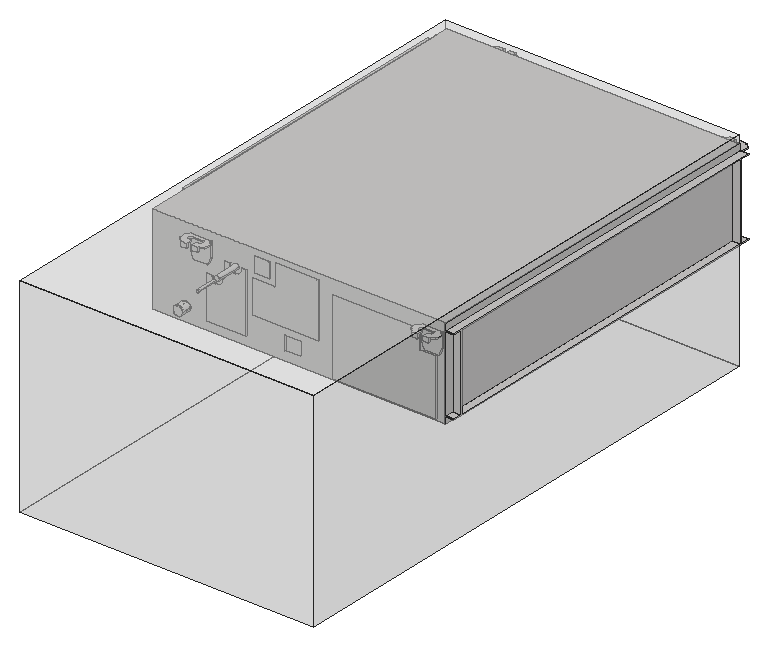
Revit family "outputfile", category 機械設備, Revit 2024
Family settings
  丸型コネクタ寸法 = 半径を使用
  パーツ タイプ = 標準
  OmniClass 番号 = 23.75.10.24.21.27.27
  OmniClass タイトル = Split System Air Conditioning Units
  作業面ベース = いいえ
  常に垂直 = はい
  ロード時にボイドで切り取り = いいえ
  注釈の向きを維持 = いいえ
  共有 = いいえ
  部屋計算ポイント = はい
Parameters (values of type "FBFC18EV2S")
  製造元 = "Daikin"
  書き出し IFC クラス(タイプ) = "IfcUnitaryEquipmentType"
  定義済み IFC タイプ(タイプ) = "AIRCONDITIONINGUNIT"
  モデル = "FBFC18EV2S"
  switch_frequency = yes
  r_Liquid Pipe Size = Liquid Pipe Size / 2  # 3.2 mm
  r_Gas Pipe Size = Gas Pipe Size / 2  # 6.35 mm
  r_Drain Pipe Size = Drain Pipe Size / 2  # 12.5 mm
  lw_power = 770.0 mm  # constant formula
  lh_SA = 138.0 mm  # constant formula
  lw_SA = if(Width = 550.0 mm, 225.0 mm, if(Width = 700.0 mm, 300.0 mm, if(Width = 1000.0 mm, 450.0 mm, if(Width = 1400.0 mm, 650.0 mm, 725.0 mm))))  # 450.0 mm
  lw_RA = if(Width = 550.0 mm, 275.0 mm, if(Width = 700.0 mm, 349.0 mm, if(Width = 1000.0 mm, 499.0 mm, if(Width = 1400.0 mm, 699.0 mm, 775.0 mm))))  # 499.0 mm
  lh_power = 60.0 mm + [h***]  # 60.0 mm
  lh_mountinghole1 = lh_mountinghole + [h***]  # 222.0 mm
  lh_RA = 123.0 mm  # constant formula
  ld_power = Width / 2  # 500.0 mm
  connector_voltage = Voltage_50Hz  # 220 V
  connector_powerinput = [Power Input (Cooling)]  # 1.680 kW
  connector_phase = Phase_50Hz  # 1
  Width = 1000.0 mm
  Voltage_comment_50Hz = "220 - 240"
  Voltage_50Hz = 220 V
  Supply Air Direction [instance] = yes
  Phase_50Hz = 1
  Minimum External Static Pressure = 40.00 Pa
  Maximum External Static Pressure = 140.00 Pa
  Material_Casing = DAIKIN_GalvanizedSteel_Casing_indoorunit
  lw_mountinghole = 630.0 mm  # constant formula
  lh_gaspipe = 183.0 mm + [h***]  # 183.0 mm
  lh_mountinghole = 222.0 mm  # constant formula
  lh_liquidpipe = 136.0 mm + [h***]  # 136.0 mm
  lh_drainpipe = 38.0 mm + [h***]  # 38.0 mm
  lh_antena = Height - lh_mountinghole + 1.0 mm  # 24.0 mm
  ld_drainpipe = Width / 2 + 26.0 mm  # 526.0 mm
  ld_liquidpipe = Width / 2 + 69.0 mm  # 569.0 mm
  ld_gaspipe = Width / 2 + 65.0 mm  # 565.0 mm
  ld_mountinghole = Width + 38.0 mm  # 1038.0 mm
  h*** = 0.0 mm  # constant formula
  lw_liquidpipe = 179.0 mm  # constant formula
  lw_gaspipe = 229.0 mm  # constant formula
  lw_drainpipe = 91.0 mm  # constant formula
  Version = "ver.1.0"
  Unit Type = "Duct"
  Unit Mass Weight = 36.00 kg
  Unit Designation [instance] = ""
  Uniclass2015Version = "Products v1.30"
  Uniclass2015Title = "Split coil room air conditioning units"
  Uniclass2015Code = "Pr_70_65_03_86"
  Total Cooling Capacity [instance] = 0.000 kW
  Sound Pressure Level_M speed (dBA) = 37
  Sound Pressure Level_L speed (dBA) = 34
  Sound Pressure Level_H speed (dBA) = 39
  Series = "SkyAir_Fan Coil Unit"
  Sensible Cooling Capacity [instance] = 0.000 kW
  SA Duct Size Width = 792.0 mm
  SA Duct Size Height = 176.0 mm
  Refrigerant Type = "R32"
  RA Duct Size Width = 952.0 mm
  RA Duct Size Height = 208.0 mm
  Power Input (Cooling) = 1.680 kW
  Option Accessory 3 [instance] = ""
  Option Accessory 2 [instance] = ""
  Option Accessory 1 [instance] = ""
  Nominal Cooling Capacity = 5.300 kW
  Minimum Airflow = 990.00 m³/h
  Median Airflow = 1200.00 m³/h
  Maximum Airflow = 1500.00 m³/h
  Load Classification = HVAC
  Liquid Pipe Size = 6.4 mm
  Link_Nested Family [instance] = ""
  IfcVersion = ""
  IfcExportType = "AIRCONDITIONINGUNIT"
  IfcExportAs = "IfcUnitaryEquipmentType"
  Height = 245.0 mm
  Heat Exchanger Type = "Cross Fin Coil"
  Gas Pipe Size = 12.7 mm
  Frequency_50Hz = 50 Hz
  Fan Type = "Sirocco Fan"
  Fan Drive = "Direct Drive"
  FCU Tag No. [instance] = ""
  Drain Pipe Size = 25.0 mm
  Design Supply Airflow [instance] = 0.00 m³/h
  Design Return Airflow [instance] = 0.00 m³/h
  Design External Static Pressure [instance] = 0.00 Pa
  既定の高さ = 0.0 mm
  Depth = 800.0 mm
  Cooling Entering Wet Bulb Temperature [instance] = 0.00 °C
  Cooling Entering Dry Bulb Temperature [instance] = 0.00 °C
  Cooling Ambient Wet Bulb Temperature [instance] = 0.00 °C
  Cooling Ambient Dry Bulb Temperature [instance] = 0.00 °C
  Clearance visibility [instance] = yes
  Clearance Top = 20.0 mm
  Clearance Right = 0.0 mm
  Clearance Rear = 0.0 mm
  Clearance Left = 0.0 mm
  Clearance Front = 450.0 mm
  Clearance Bottom = 300.0 mm
Reference planes
  plane 1 "Center (Front/Back)": y = 0
  plane 2 "h": z = 0
  plane 3 "Center (Left/Right)": x = 0
  plane 4 "Back": y = 500
  plane 5 "Front": y = -500
  plane 6 "Left": x = -400
  plane 7 "Right": x = 400
  plane 8 "Top": z = 0
  plane 9 "Bottom": z = -245
  plane 10: y = -215
  plane 11: y = 500
  plane 12: y = -950
  plane 13: x = -400
  plane 14: x = 400
  plane 15: z = 20
  plane 16: z = -545
  plane 17: x = -400
  plane 18: x = -399
  plane 19: x = 399
  plane 20: y = 50
  plane 21: y = -1
  plane 22: z = -122
  plane 23: y = -501
  plane 24: z = -109
  plane 25: x = -221
  plane 26: y = -565
  plane 27: z = -62
  plane 28: x = -171
  plane 29: y = -526
  plane 30: z = -207
  plane 31: x = -309
  plane 32: x = -309
  plane 33: x = -221
  plane 34: x = -171
  plane 35: x = 370
  plane 36: x = -266
  plane 37: x = 364
  plane 38: y = -519
  plane 39: y = 519
  plane 40: z = -23
  plane 41: z = -107
  plane 42: y = -569
  plane 43: z = -207
  plane 44: x = -309
  plane 45: y = -526
  plane 46: x = -251
  plane 47: x = -203
  plane 48: x = -144
  plane 49: z = -59
  plane 50: z = -106
  plane 51: z = -221
  plane 52: z = -109
  plane 53: x = -221
  plane 54: z = -62
  plane 55: x = -171
  plane 56: z = -17
  plane 57: z = -59
  plane 58: x = -121
  plane 59: x = -79
  plane 60: x = -125
  plane 61: x = -64
  plane 62: x = 53
  plane 63: z = -164
  plane 64: z = -73
  plane 65: z = -16
  plane 66: x = 93.5
  plane 67: x = 374.5
  plane 68: x = 330
  plane 69: z = -88.5
  plane 70: z = -38
  plane 71: z = -242.5
  plane 72: x = -38.5
  plane 73: x = 6.5
  plane 74: z = -181
  plane 75: z = -221
  plane 76: y = -499
  plane 77: x = -424
  plane 78: x = 424
Forms (mm)
  Extrusion 1, solid, material "DAIKIN_GalvanizedSteel_Casing_indoorunit" <- "Material_Casing"
    sketch origin (0, 0, 0) x (1, 0, 0) y (0, 1, 0)
      loop
        line (-399, 500) -> (-399, -500) -> (399, -500) -> (399, 500) -> (-399, 500)
    from -245 to 0
  Extrusion 2, solid, material "DAIKIN_GalvanizedSteel_Casing_indoorunit" <- "Material_Casing"
    sketch origin (0, 0, 0) x (1, 0, 0) y (0, 0, 1)
      loop
        line (-251, -221) -> (-144, -221) -> (-144, -59) -> (-154.47, -59)
        arc (-154.47, -59) -> (-171, -78.8) -> (-187.53, -59) r 16.8
        line (-187.53, -59) -> (-203, -59) -> (-203, -106) -> (-206.916, -106)
        arc (-206.916, -106) -> (-221, -123.4) -> (-235.084, -106) r 14.4
        line (-235.084, -106) -> (-251, -106) -> (-251, -221)
    from 500 to 501
  Extrusion 3, solid, material "DAIKIN_GalvanizedSteel_Casing_indoorunit" <- "Material_Casing"
    sketch origin (0, 0, 0) x (1, 0, 0) y (0, 0, 1)
      loop
        line (-121, -17) -> (-121, -59) -> (-79, -59) -> (-79, -17) -> (-121, -17)
      loop
        line (-125, -73) -> (-125, -164) -> (53, -164) -> (53, -16) -> (-64, -16) -> (-64, -73) -> (-125, -73)
    from 500 to 501
  Extrusion 4, solid, material "DAIKIN_GalvanizedSteel_Casing_indoorunit" <- "Material_Casing"
    sketch origin (0, 0, 0) x (1, 0, 0) y (0, 0, 1)
      loop
        line (93.5, -38) -> (93.5, -242.5) -> (374.5, -242.5) -> (374.5, -88.5) -> (330, -88.5) -> (330, -38) -> (93.5, -38)
    from 500 to 501
  Extrusion 5, solid, material "DAIKIN_GalvanizedSteel_Casing_indoorunit" <- "Material_Casing"
    sketch origin (0, 0, 0) x (1, 0, 0) y (0, 0, 1)
      loop
        circle (-221, -109) r 3.2
    from 500 to 569
  Extrusion 6, solid, material "DAIKIN_GalvanizedSteel_Casing_indoorunit" <- "Material_Casing"
    sketch origin (0, 0, 0) x (1, 0, 0) y (0, 0, 1)
      loop
        circle (-171, -62) r 6.35
    from 500 to 565
  Extrusion 7, solid, material "DAIKIN_GalvanizedSteel_Casing_indoorunit" <- "Material_Casing"
    sketch origin (0, 0, 0) x (1, 0, 0) y (0, 0, 1)
      loop
        circle (-309, -207) r 12.5
    from 501 to 526
  Extrusion 8, solid, material "DAIKIN_GalvanizedSteel_Casing_indoorunit" <- "Material_Casing"
    sketch origin (0, 0, 0) x (1, 0, 0) y (0, 0, 1)
      loop
        circle (-309, -207) r 13
    from 500 to 526
  Extrusion 9, void
    sketch origin (0, 0, 0) x (1, 0, 0) y (0, 0, 1)
      loop
        line (-38.5, -181) -> (-38.5, -221) -> (6.5, -221) -> (6.5, -181) -> (-38.5, -181)
    from 499 to 500
Cuts and joins
  Extrusion 9 cuts Extrusion 1
Dimensions and locks
  "Height": plane 8 "Top" to plane 9 "Bottom"
  equal spacing: plane 4 "Back", plane 1 "Center (Front/Back)", plane 5 "Front"
  "Width": plane 4 "Back" to plane 5 "Front"
  equal spacing: plane 6 "Left", plane 3 "Center (Left/Right)", plane 7 "Right"
  "Depth": plane 6 "Left" to plane 7 "Right"
  "Clearance Left": plane 13 to plane 6 "Left"
  "Clearance Right": plane 7 "Right" to plane 14
  "Clearance Rear": plane 11 to plane 4 "Back"
  "Clearance Front": plane 5 "Front" to plane 12
  "Clearance Top": plane 15 to plane 8 "Top"
  "Clearance Bottom": plane 9 "Bottom" to plane 16
  locked: plane 17 to plane 18 at 1
  locked: plane 19 to plane 14 at 1
  "lw_RA": plane 21 to plane 5 "Front"
  "lh_RA": plane 22 to plane 9 "Bottom"
  locked: plane 5 "Front" to plane 23 at 1
  "lw_liquidpipe": plane 25 to plane 6 "Left"
  "lh_liquidpipe": plane 24 to plane 9 "Bottom"
  "lh_gaspipe": plane 27 to plane 9 "Bottom"
  "lw_gaspipe": plane 28 to plane 6 "Left"
  "ld_gaspipe": plane 26 to plane 1 "Center (Front/Back)"
  "ld_drainpipe": plane 29 to plane 1 "Center (Front/Back)"
  "lh_drainpipe": plane 30 to plane 9 "Bottom"
  "lw_drainpipe": plane 31 to plane 6 "Left"
  "lw_drainpipe": plane 6 "Left" to plane 32
  "lw_liquidpipe": plane 6 "Left" to plane 33
  "lw_gaspipe": plane 6 "Left" to plane 34
  "lw_power": plane 6 "Left" to plane 35
  locked: plane 17 to plane 36 at 134
  "lw_mountinghole": plane 36 to plane 37
  equal spacing: plane 38, plane 1 "Center (Front/Back)", plane 39
  "ld_mountinghole": plane 39 to plane 38
  "lh_mountinghole": plane 40 to plane 9 "Bottom"
  "lh_SA": plane 41 to plane 9 "Bottom"
  locked: plane 44 to plane 6 "Left" at 91
  locked: plane 43 to plane 9 "Bottom" at 38
  locked: plane 5 "Front" to plane 45 at 26
  plane 48 to plane 47 to plane 46 to plane 6 "Left" = 59.0 mm, 48.0 mm, 149.0 mm
  plane 8 "Top" to plane 49 to plane 50 to plane 51 = 59.0 mm locked, 47.0 mm locked, 115.0 mm locked
  plane 55 to plane 53 to plane 6 "Left" = 50.0 mm locked, 179.0 mm locked
  plane 54 to plane 52 to plane 9 "Bottom" = 47.0 mm locked, 136.0 mm locked
  plane 59 to plane 58 to plane 6 "Left" = 42.0 mm locked, 279.0 mm locked
  plane 8 "Top" to plane 56 to plane 57 = 17.0 mm locked, 42.0 mm locked
  plane 62 to plane 61 to plane 60 to plane 6 "Left" = 117.0 mm, 61.0 mm, 275.0 mm
  plane 8 "Top" to plane 65 to plane 64 = 16.0 mm locked, 57.0 mm locked
  locked: plane 65 to plane 63 at 148
  plane 8 "Top" to plane 70 to plane 69 to plane 71 = 38.0 mm locked, 50.5 mm locked, 154.0 mm locked
  plane 67 to plane 68 to plane 66 to plane 6 "Left" = 44.5 mm locked, 236.5 mm locked, 493.5 mm locked
  plane 8 "Top" to plane 74 to plane 75 = 181.0 mm locked, 40.0 mm locked
  plane 73 to plane 72 to plane 6 "Left" = 45.0 mm, 361.5 mm
  locked: plane 76 to plane 5 "Front" at 1
  locked: plane 77 to plane 17 at 24
  locked: plane 14 to plane 78 at 24
  "ld_liquidpipe": plane 42 to plane 1 "Center (Front/Back)"
  "lw_SA": plane 4 "Back" to plane 20
  "r_Liquid Pipe Size": radius of Extrusion 5 sketch curve
  "r_Gas Pipe Size": radius of Extrusion 6 sketch curve
  "r_Drain Pipe Size": radius of Extrusion 7 sketch curve
  aligned and locked: level to plane 2 "h"
  aligned and locked: plane 8 "Top" to Extrusion 1
  aligned and locked: Extrusion 1 to plane 9 "Bottom"
  aligned and locked: nested 5 to plane 12
  aligned and locked: plane 13 to nested 5
  aligned and locked: plane 14 to nested 5
  aligned and locked: nested 5 to plane 13
  aligned and locked: plane 11 to nested 5
  aligned and locked: plane 15 to nested 5
  aligned and locked: plane 16 to nested 5
  aligned and locked: plane 5 "Front" to Extrusion 1 sketch curve
  aligned and locked: Extrusion 1 to plane 18
  aligned and locked: plane 19 to Extrusion 1
  aligned and locked: nested 7 to plane 18
  aligned and locked: nested 7 to plane 20
  aligned and locked: plane 19 to nested 8
  aligned and locked: plane 21 to nested 8
  aligned and locked: plane 22 to nested 8
  aligned and locked: Extrusion 2 to plane 23
  aligned and locked: plane 5 "Front" to Extrusion 2
  aligned and locked: Extrusion 3 to plane 23
  aligned and locked: plane 5 "Front" to Extrusion 3
  aligned and locked: plane 5 "Front" to Extrusion 4
  aligned and locked: Extrusion 5 sketch curve to plane 25
  aligned and locked: plane 24 to Extrusion 5 sketch curve
  aligned and locked: plane 5 "Front" to Extrusion 5
  aligned and locked: Extrusion 6 sketch curve to plane 28
  aligned and locked: plane 27 to Extrusion 6 sketch curve
  aligned and locked: plane 5 "Front" to Extrusion 6
  aligned and locked: Extrusion 7 sketch curve to plane 31
  aligned and locked: plane 30 to Extrusion 7 sketch curve
  aligned and locked: Extrusion 7 to plane 29
  aligned and locked: plane 23 to Extrusion 7
  aligned and locked: nested 3 to plane 29
  aligned and locked: plane 32 to nested 3
  aligned and locked: nested 2 to plane 33
  aligned and locked: nested 1 to plane 34
  aligned and locked: Extrusion 6 to plane 26
  aligned and locked: nested 1 to plane 26
  aligned and locked: nested 6 to plane 5 "Front"
  aligned and locked: nested 6 to plane 35
  aligned and locked: plane 36 to nested 10
  aligned and locked: nested 10 to plane 5 "Front"
  aligned and locked: plane 37 to nested 9
  aligned and locked: nested 9 to plane 5 "Front"
  aligned and locked: nested 11 to plane 36
  aligned and locked: plane 4 "Back" to nested 11
  aligned and locked: nested 12 to plane 37
  aligned and locked: plane 4 "Back" to nested 12
  aligned and locked: plane 40 to nested 10
  aligned and locked: plane 40 to nested 11
  aligned and locked: plane 40 to nested 9
  aligned and locked: plane 40 to nested 12
  aligned and locked: plane 36 to nested 14
  aligned and locked: nested 14 to plane 39
  aligned and locked: plane 37 to nested 13
  aligned and locked: nested 13 to plane 39
  aligned and locked: plane 37 to nested 16
  aligned and locked: plane 38 to nested 16
  aligned and locked: plane 38 to nested 15
  aligned and locked: plane 36 to nested 15
  aligned and locked: plane 17 to plane 6 "Left"
  aligned and locked: plane 41 to nested 7
  aligned and locked: Extrusion 5 to plane 42
  aligned and locked: nested 2 to plane 42
  aligned and locked: Extrusion 8 sketch curve to plane 44
  aligned and locked: plane 43 to Extrusion 8 sketch curve
  aligned and locked: plane 5 "Front" to Extrusion 8
  aligned and locked: plane 45 to Extrusion 8
  aligned and locked: Extrusion 3 sketch curve to plane 56
  aligned and locked: Extrusion 3 sketch curve to plane 58
  aligned and locked: plane 57 to Extrusion 3 sketch curve
  aligned and locked: plane 59 to Extrusion 3 sketch curve
  aligned and locked: Extrusion 4 to plane 23
  aligned and locked: Extrusion 9 sketch curve to plane 74
  aligned and locked: plane 75 to Extrusion 9 sketch curve
  aligned and locked: plane 73 to Extrusion 9 sketch curve
  aligned and locked: plane 5 "Front" to Extrusion 9
  aligned and locked: plane 76 to Extrusion 9
  aligned and locked: nested 17 to plane 20
  aligned and locked: nested 17 to plane 77
  aligned and locked: plane 21 to nested 18
  aligned and locked: plane 78 to nested 18
  aligned and locked: plane 41 to nested 17
  aligned and locked: nested 18 to plane 22
  aligned and locked: nested 4 to plane 3 "Center (Left/Right)"
  aligned and locked: plane 1 "Center (Front/Back)" to nested 4
  aligned and locked: level to plane 8 "Top"
Automatic sketch dimensions
  plane 6 "Left" to Extrusion 1 sketch curve = 1.0 mm
  Extrusion 1 sketch curve to plane 7 "Right" = 1.0 mm
  Extrusion 1 sketch curve to plane 4 "Back" = 0.0 mm
  Extrusion 2 sketch curve to plane 46 = 0.0 mm
  Extrusion 2 sketch curve to plane 33 = 0.0 mm
  Extrusion 2 sketch curve to plane 47 = 0.0 mm
  Extrusion 2 sketch curve to plane 34 = 0.0 mm
  Extrusion 2 sketch curve to plane 48 = 0.0 mm
  Extrusion 2 sketch curve to plane 51 = 0.0 mm
  Extrusion 2 sketch curve to plane 52 = 0.0 mm
  Extrusion 2 sketch curve to plane 50 = 0.0 mm  (x3)
  Extrusion 2 sketch curve to plane 54 = 0.0 mm
  Extrusion 2 sketch curve to plane 49 = 0.0 mm  (x3)
  plane 33 to Extrusion 2 sketch curve = 14.084 mm
  plane 34 to Extrusion 2 sketch curve = 16.53 mm
  Extrusion 3 sketch curve to plane 60 = 0.0 mm
  Extrusion 3 sketch curve to plane 61 = 0.0 mm
  Extrusion 3 sketch curve to plane 62 = 0.0 mm
  Extrusion 3 sketch curve to plane 63 = 0.0 mm
  Extrusion 3 sketch curve to plane 64 = 0.0 mm
  Extrusion 3 sketch curve to plane 65 = 0.0 mm
  Extrusion 4 sketch curve to plane 66 = 0.0 mm
  Extrusion 4 sketch curve to plane 68 = 0.0 mm
  Extrusion 4 sketch curve to plane 67 = 0.0 mm
  Extrusion 4 sketch curve to plane 71 = 0.0 mm
  Extrusion 4 sketch curve to plane 69 = 0.0 mm
  Extrusion 4 sketch curve to plane 70 = 0.0 mm
  Extrusion 9 sketch curve to plane 72 = 0.0 mm
  radius of Extrusion 8 sketch curve = 13.0 mm
Nested families
  nested 1: "daikin_connector_rotate2" at (-171, 0, -62), length <- "ld_gaspipe", built-in parameter 1001364 <- "lh_gaspipe", radius <- "r_Gas Pipe Size", type "daikin_connector_rotate2"
    with radius 6.35 mm, length 565.0 mm, angle_vertical 90.00°
  nested 2: "daikin_connector_rotate2" at (-221, 0, -109), length <- "ld_liquidpipe", built-in parameter 1001364 <- "lh_liquidpipe", radius <- "r_Liquid Pipe Size", type "daikin_connector_rotate2"
    with radius 3.2 mm, length 569.0 mm, angle_vertical 90.00°
  nested 3: "daikin_connector_rotate2" at (-309, 0, -207), length <- "ld_drainpipe", built-in parameter 1001364 <- "lh_drainpipe", radius <- "r_Drain Pipe Size", type "daikin_connector_rotate2"
    with radius 12.5 mm, length 526.0 mm, angle_vertical 90.00°
  nested 4: "daikin_△_symbolicline" at (0, 0, 245) x (0, -1, 0) z (0, 0, 1), built-in parameter 1001364 <- "Height", visible <- "Supply Air Direction", type "daikin_△_symbolicline"
    with length 200.0 mm
  nested 5: "daikin_clearancespace" at (0, -225, -262.381), visible <- "Clearance visibility", show <- "Clearance visibility", Link_Nested Family <- "Link_Nested Family", type "daikin_clearancespace"
    with width 800.0 mm, show yes, height 565.0 mm, depth 1450.0 mm, Link_Nested Family ""
  nested 6: "daikin_connector_rotate2" at (370, 0, -185), built-in parameter 1001364 <- "lh_power", length <- "ld_power", type "daikin_connector_rotate2"
    with radius 10.0 mm, length 500.0 mm, angle_vertical 90.00°
  nested 7: "daikin_ductflange_FBFC-EV2S2" at (-399, 50, -107) x (0, -1, 0) z (0, 0, 1), type "daikin_ductflange_FBFC-EV2S2"
    with width 792.0 mm, w 1000.0 mm
  nested 8: "daikin_ductflange_FBFC-EV2S" at (399, -1, -122) x (0, 1, 0) z (0, 0, 1), type "daikin_ductflange_FBFC-EV2S"
    with width 952.0 mm, lw 25.0 mm, w 1000.0 mm
  nested 9: "daikin_hangerfixture_FBFC-EV2S" at (364, -500, -23), type "daikin_hangerfixture_FBFC-EV2S"
  nested 10: "daikin_hangerfixture_FBFC-EV2S" at (-266, -500, -23), type "daikin_hangerfixture_FBFC-EV2S"
  nested 11: "daikin_hangerfixture_FBFC-EV2S" at (-266, 500, -23) x (-1, 0, 0) z (0, 0, 1), type "daikin_hangerfixture_FBFC-EV2S"
  nested 12: "daikin_hangerfixture_FBFC-EV2S" at (364, 500, -23) x (-1, 0, 0) z (0, 0, 1), type "daikin_hangerfixture_FBFC-EV2S"
  nested 13: "daikin_mountinghole" at (364, 519, -245), h_mountinghole <- "lh_mountinghole1", l_antenna <- "lh_antena", Link_Nested Family <- "Link_Nested Family", type "daikin_mountinghole"
    with show yes, l_antenna 24.0 mm, h_mountinghole 222.0 mm, Link_Nested Family ""
  nested 14: "daikin_mountinghole" at (-266, 519, -245), h_mountinghole <- "lh_mountinghole1", l_antenna <- "lh_antena", Link_Nested Family <- "Link_Nested Family", type "daikin_mountinghole"
    with show yes, l_antenna 24.0 mm, h_mountinghole 222.0 mm, Link_Nested Family ""
  nested 15: "daikin_mountinghole" at (-266, -519, -245), h_mountinghole <- "lh_mountinghole1", l_antenna <- "lh_antena", Link_Nested Family <- "Link_Nested Family", type "daikin_mountinghole"
    with show yes, l_antenna 24.0 mm, h_mountinghole 222.0 mm, Link_Nested Family ""
  nested 16: "daikin_mountinghole" at (364, -519, -245), h_mountinghole <- "lh_mountinghole1", l_antenna <- "lh_antena", Link_Nested Family <- "Link_Nested Family", type "daikin_mountinghole"
    with show yes, l_antenna 24.0 mm, h_mountinghole 222.0 mm, Link_Nested Family ""
  nested 17: "daikin_connector_rotate2" at (-400, 50, -107) x (0, -1, 0) z (0, 0, 1), type "daikin_connector_rotate2"
    with radius 10.0 mm, length 24.0 mm, angle_vertical 90.00°
  nested 18: "daikin_connector_rotate2" at (400, -1, -122) x (0, 1, 0) z (0, 0, 1), type "daikin_connector_rotate2"
    with radius 10.0 mm, length 24.0 mm, angle_vertical 90.00°
Connectors
  piping at (-309, -526, -207), diameter 25, driven by "r_Drain Pipe Size"
    settings: on nested 3, index 3, connector inside diameter 609.6 mm, connector length 0.0 mm, flow factor 0, pipe flow 0.00 m³/h, pressure drop 0.0 Pa, fitting loss kfactor 0, connector angle 0.00°, fixture units 0, engagement length 0.0 mm, angle of deflection 0.00°, flow configuration 1, flow direction 2, fitting loss method 4, system type 16, joint type 0, gender type 0, connector reference index -1, connector utility 0, adjustable connector no, is connector primary yes, connector description "Condensate Drain Piping"
  piping at (-171, -565, -62), diameter 12.7, driven by "r_Gas Pipe Size"
    settings: on nested 1, index 4, connector inside diameter 609.6 mm, connector length 0.0 mm, flow factor 0, pipe flow 0.00 m³/h, pressure drop 0.0 Pa, fitting loss kfactor 0, connector angle 0.00°, fixture units 0, engagement length 0.0 mm, angle of deflection 0.00°, flow configuration 1, flow direction 2, fitting loss method 0, system type 29, joint type 0, gender type 0, connector reference index -1, connector utility 0, adjustable connector no, is connector primary no, connector description "Refrigerant Gas Piping"
  piping at (-221, -569, -109), diameter 6.4, driven by "r_Liquid Pipe Size"
    settings: on nested 2, index 5, connector inside diameter 609.6 mm, connector length 0.0 mm, flow factor 0, pipe flow 0.00 m³/h, pressure drop 0.0 Pa, fitting loss kfactor 0, connector angle 0.00°, fixture units 0, engagement length 0.0 mm, angle of deflection 0.00°, flow configuration 1, flow direction 1, fitting loss method 0, system type 29, joint type 0, gender type 0, connector reference index -1, connector utility 0, adjustable connector no, is connector primary no, connector description "Refrigerant Liquid Piping"
  electrical at (370, -500, -185), driven by "Load Classification", driven by "connector_powerinput", driven by "connector_voltage", driven by "connector_phase"
    settings: on nested 6, index 6, voltage 220 V, apparent load 1680 VA, apparent load phase1 0 VA, apparent load phase2 0 VA, apparent load phase3 0 VA, power factor 1, load classification "HVAC", number of poles 1, system type 30, power factor state 1, is connector primary yes, connector utility no, sub classification motor no, connector description "Power Supply"
  hvac at (-424, 50, -107), driven by "SA Duct Size Height", driven by "SA Duct Size Width"
    settings: on nested 17, index 7, duct flow 0.00 m³/h, flow factor 0, pres drop 0.00 Pa, loss coef 0, conn angle 0.00°, conn width 792.0 mm, conn height 176.0 mm, conn diameter 609.6 mm, duct sys type 1, conn prof type 1, flow config 0, flow direction 2, loss method 4, conn ref index -1, conn util no, is conn primary yes, conn desc "SA Duct"
  hvac at (424, -1, -122), driven by "RA Duct Size Height", driven by "RA Duct Size Width"
    settings: on nested 18, index 8, duct flow 0.00 m³/h, flow factor 0, pres drop 0.00 Pa, loss coef 0, conn angle 0.00°, conn width 952.0 mm, conn height 208.0 mm, conn diameter 609.6 mm, duct sys type 2, conn prof type 1, flow config 0, flow direction 1, loss method 4, conn ref index -1, conn util no, is conn primary no, conn desc "RA Duct"
Definition of nested family "daikin_clearancespace"
  Parameters (values of type "daikin_clearancespace")
    Description = "daikin_clearancespace"
    width [instance] = 1823.963 mm
    show [instance] = yes
    material = none
    height [instance] = 1359.762 mm
    depth [instance] = 880.0 mm
    Default Elevation = 0.0 mm
    Link_Nested Family [instance] = ""
  Reference planes
    plane 1 "Center (Front/Back)": y = 0
    plane 2 "Center (Elevation)": z = -0.119
    plane 3 "Center (Left/Right)": x = 0
    plane 4: y = 440
    plane 5: y = -440
    plane 6 "Right": x = 911.982
    plane 7 "Left": x = -911.982
    plane 8 "Top": z = 679.762
    plane 9 "Bottom": z = -680
  Forms (mm)
    Extrusion 1, solid, material <- "material", visible <- "show"
      sketch origin (0, 0, 0) x (1, 0, 0) y (0, 1, 0)
        loop
          line (-911.982, 440) -> (-911.982, -440) -> (911.982, -440) -> (911.982, 440) -> (-911.982, 440)
      from -680 to 679.762
  Lines and regions (mm)
    symbolic lines, visible <- "show"
      curve 1: line (911.982, 440, 0) -> (-911.982, 440, 0)
      curve 2: line (-911.982, 440, 0) -> (-911.982, -440, 0)
      curve 3: line (-911.982, -440, 0) -> (911.982, -440, 0)
      curve 4: line (911.982, -440, 0) -> (911.982, 440, 0)
      curve 5: line (911.982, 0, 679.762) -> (-911.982, 0, 679.762)
      curve 6: line (911.982, 0, -680) -> (911.982, 0, 679.762)
      curve 7: line (-911.982, 0, -680) -> (911.982, 0, -680)
      curve 8: line (-911.982, 0, 679.762) -> (-911.982, 0, -680)
      curve 9: line (0, 440, 679.762) -> (0, -440, 679.762)
      curve 10: line (0, -440, 679.762) -> (0, -440, -680)
      curve 11: line (0, 440, -680) -> (0, 440, 679.762)
      curve 12: line (0, -440, -680) -> (0, 440, -680)
  Dimensions and locks
    "width": plane 7 "Left" to plane 6 "Right"
    "depth": plane 4 to plane 5
    "height": plane 8 "Top" to plane 9 "Bottom"
    equal spacing: plane 7 "Left", plane 3 "Center (Left/Right)", plane 6 "Right"
    equal spacing: plane 4, plane 1 "Center (Front/Back)", plane 5
    equal spacing: plane 8 "Top", plane 2 "Center (Elevation)", plane 9 "Bottom"
    aligned and locked: level to plane 2 "Center (Elevation)"
    aligned and locked: Extrusion 1 sketch curve to plane 4
    aligned and locked: plane 7 "Left" to Extrusion 1 sketch curve
    aligned and locked: Extrusion 1 sketch curve to plane 5
    aligned and locked: Extrusion 1 sketch curve to plane 6 "Right"
    aligned and locked: plane 8 "Top" to Extrusion 1
    aligned and locked: curve 1 to Extrusion 1
    aligned and locked: curve 2 to Extrusion 1
    aligned and locked: curve 3 to Extrusion 1
    aligned and locked: curve 4 to Extrusion 1
    aligned and locked: curve 5 to Extrusion 1
    aligned and locked: curve 6 to Extrusion 1
    aligned and locked: curve 7 to Extrusion 1
    aligned and locked: curve 8 to Extrusion 1
    aligned and locked: curve 9 to Extrusion 1
    aligned and locked: curve 10 to Extrusion 1
    aligned and locked: curve 11 to Extrusion 1
    aligned and locked: curve 12 to Extrusion 1
    aligned and locked: Extrusion 1 to plane 9 "Bottom"
Definition of nested family "daikin_ductflange_FBFC-EV2S2"
  Parameters (values of type "daikin_ductflange_FBFC-DVMG2")
    width = if(w = 550.0 mm, 337.0 mm, if(w = 700.0 mm, 492.0 mm, if(w = 1000.0 mm, 792.0 mm, if(w = 1400.0 mm, 1192.0 mm, 1337.0 mm))))  # 1192.0 mm
    material = none
    height = 215.0 mm
    depth = 1.0 mm
    w = 1400.0 mm
    Default Elevation = 0.0 mm
  Reference planes
    plane 1 "Center (Front/Back)": y = 0
    plane 2: z = 0
    plane 3 "Center (Left/Right)": x = 0
    plane 4: z = 88
    plane 5: z = -88
    plane 6: y = -25
    plane 7: z = 106
    plane 8: z = 89
    plane 9: y = -1
    plane 10: x = -617.5
    plane 11: x = 617.5
    plane 12: z = -106
    plane 13: z = -89
    plane 14: y = -1
    plane 15: x = 596
    plane 16: x = -596
    plane 17: x = 597
    plane 18: z = 87
    plane 19: z = -87
    plane 20: x = -597
    plane 21: z = 87
    plane 22: z = -87
    plane 23: y = -1
  Forms (mm)
    Extrusion 1, solid, material <- "material"
      sketch origin (0, 0, 0) x (0, 1, 0) y (0, 0, 1)
        loop
          line (-25, 88) -> (0, 88) -> (0, 106) -> (-1, 106) -> (-1, 89) -> (-25, 89) -> (-25, 88)
      from -617.5 to 617.5
    Extrusion 2, solid, material <- "material"
      sketch origin (0, 0, 0) x (0, 1, 0) y (0, 0, 1)
        loop
          line (-25, -88) -> (-25, -89) -> (-1, -89) -> (-1, -106) -> (0, -106) -> (0, -88) -> (-25, -88)
      from -617.5 to 617.5
    Extrusion 3, solid, material <- "material"
      sketch origin (0, 0, 0) x (1, 0, 0) y (0, 0, 1)
        loop
          line (596, 88) -> (596, -88) -> (617.5, -88) -> (617.5, -87) -> (597, -87) -> (597, 87) -> (617.5, 87) -> (617.5, 88) -> (596, 88)
      from 0 to 25
    Extrusion 4, solid, material <- "material"
      sketch origin (0, 0, 0) x (1, 0, 0) y (0, 0, 1)
        loop
          line (-617.5, 88) -> (-617.5, 87) -> (-597, 87) -> (-597, -87) -> (-617.5, -87) -> (-617.5, -88) -> (-596, -88) -> (-596, 88) -> (-617.5, 88)
      from 0 to 25
    Extrusion 5, solid, material <- "material"
      sketch origin (0, 0, 0) x (1, 0, 0) y (0, 0, 1)
        loop
          line (-617.5, 88) -> (-617.5, -88) -> (-596, -88) -> (-596, 88) -> (-617.5, 88)
        loop
          line (617.5, 88) -> (596, 88) -> (596, -88) -> (617.5, -88) -> (617.5, 88)
      from 0 to 1
  Cuts and joins
    joined: Extrusion 1, Extrusion 2, Extrusion 3, Extrusion 4, Extrusion 5
  Dimensions and locks
    plane 4 to level to plane 5 = 88.0 mm, 88.0 mm
    locked: plane 6 to plane 1 "Center (Front/Back)" at 25
    locked: plane 9 to plane 1 "Center (Front/Back)" at 1
    locked: plane 8 to plane 4 at 1
    locked: plane 16 to plane 10 at 21.5
    locked: plane 17 to plane 15 at 1
    locked: plane 4 to plane 18 at 1
    locked: plane 19 to plane 5 at 1
    "width": plane 15 to plane 16
    plane 4 to plane 5 = 176.0 mm
    locked: plane 16 to plane 20 at 1
    locked: plane 4 to plane 21 at 1
    locked: plane 22 to plane 5 at 1
    locked: plane 23 to plane 1 "Center (Front/Back)" at 1
    plane 4 to level to plane 5 = 88.0 mm locked, 88.0 mm locked
    locked: plane 5 to plane 13 at 1
    locked: plane 5 to plane 12 at 18
    locked: plane 7 to plane 4 at 18
    equal spacing: plane 15, plane 3 "Center (Left/Right)", plane 16
    locked: plane 11 to plane 15 at 21.5
    plane 11 to plane 10 = 1235.0 mm
    aligned and locked: level to plane 2
    aligned and locked: Extrusion 1 to plane 10
    aligned and locked: plane 11 to Extrusion 1
    aligned and locked: plane 5 to Extrusion 2
    aligned and locked: Extrusion 2 to plane 1 "Center (Front/Back)"
    aligned and locked: plane 15 to Extrusion 3 sketch curve
    aligned and locked: Extrusion 3 sketch curve to Extrusion 2  (x2)
    aligned and locked: Extrusion 3 sketch curve to plane 11
    aligned and locked: plane 6 to Extrusion 3
    aligned and locked: Extrusion 2 to plane 10
    aligned and locked: plane 11 to Extrusion 2
    aligned and locked: Extrusion 4 sketch curve to Extrusion 1  (x2)
    aligned and locked: plane 5 to Extrusion 4 sketch curve
    aligned and locked: Extrusion 4 sketch curve to plane 16
    aligned and locked: Extrusion 4 sketch curve to plane 22
    aligned and locked: plane 20 to Extrusion 4 sketch curve
    aligned and locked: plane 21 to Extrusion 4 sketch curve
    aligned and locked: Extrusion 4 to plane 1 "Center (Front/Back)"
    aligned and locked: plane 6 to Extrusion 4
    aligned and locked: Extrusion 5 sketch curve to Extrusion 1  (x4)
    aligned and locked: Extrusion 5 sketch curve to Extrusion 4  (x2)
    aligned and locked: Extrusion 5 sketch curve to Extrusion 3  (x2)
    aligned and locked: Extrusion 5 to plane 1 "Center (Front/Back)"
    aligned and locked: plane 23 to Extrusion 5
  Automatic sketch dimensions
    Extrusion 1 sketch curve to plane 6 = 0.0 mm
    Extrusion 1 sketch curve to plane 7 = 0.0 mm
    Extrusion 1 sketch curve to plane 9 = 0.0 mm
    Extrusion 1 sketch curve to plane 1 "Center (Front/Back)" = 0.0 mm
    Extrusion 1 sketch curve to plane 4 = 0.0 mm
    Extrusion 1 sketch curve to plane 8 = 0.0 mm
    Extrusion 2 sketch curve to plane 6 = 0.0 mm
    plane 12 to Extrusion 2 sketch curve = 0.0 mm
    Extrusion 2 sketch curve to plane 14 = 0.0 mm
    Extrusion 2 sketch curve to plane 1 "Center (Front/Back)" = 0.0 mm
    plane 13 to Extrusion 2 sketch curve = 0.0 mm
    Extrusion 2 sketch curve to plane 5 = 0.0 mm
    Extrusion 3 sketch curve to plane 17 = 0.0 mm
    Extrusion 3 sketch curve to plane 19 = 0.0 mm
    Extrusion 3 sketch curve to plane 18 = 0.0 mm
    Extrusion 3 sketch curve to plane 4 = 0.0 mm
    Extrusion 4 sketch curve to plane 10 = 0.0 mm
Definition of nested family "daikin_ductflange_FBFC-EV2S"
  Parameters (values of type "daikin_ductflange_FBFC-DVMG")
    width = if(w = 550.0 mm, 502.0 mm, if(w = 700.0 mm, 654.0 mm, if(w = 1000.0 mm, 952.0 mm, if(w = 1400.0 mm, 1352.0 mm, 1502.0 mm))))  # 654.0 mm
    material = none
    lw = if(width = 654.0 mm, 23.0 mm, 25.0 mm)  # 23.0 mm
    height = 208.0 mm
    depth = 1.0 mm
    w = 700.0 mm
    Default Elevation = 0.0 mm
  Reference planes
    plane 1 "Center (Front/Back)": y = 0
    plane 2: z = 0
    plane 3 "Center (Left/Right)": x = 0
    plane 4: z = 104
    plane 5: z = -104
    plane 6: y = -25
    plane 7: z = 121
    plane 8: z = 105
    plane 9: y = -1
    plane 10: x = -350
    plane 11: x = 350
    plane 12: z = -122
    plane 13: z = -105
    plane 14: y = -1
    plane 15: x = 327
    plane 16: x = -327
    plane 17: x = 328
    plane 18: z = 103
    plane 19: z = -103
    plane 20: x = -328
    plane 21: z = 103
    plane 22: z = -103
    plane 23: y = -1
  Forms (mm)
    Extrusion 1, solid, material <- "material"
      sketch origin (0, 0, 0) x (0, 1, 0) y (0, 0, 1)
        loop
          line (-25, 104) -> (0, 104) -> (0, 121) -> (-1, 121) -> (-1, 105) -> (-25, 105) -> (-25, 104)
      from -350 to 350
    Extrusion 2, solid, material <- "material"
      sketch origin (0, 0, 0) x (0, 1, 0) y (0, 0, 1)
        loop
          line (-25, -104) -> (-25, -105) -> (-1, -105) -> (-1, -122) -> (0, -122) -> (0, -104) -> (-25, -104)
      from -350 to 350
    Extrusion 3, solid, material <- "material"
      sketch origin (0, 0, 0) x (1, 0, 0) y (0, 0, 1)
        loop
          line (327, 104) -> (327, -104) -> (350, -104) -> (350, -103) -> (328, -103) -> (328, 103) -> (350, 103) -> (350, 104) -> (327, 104)
      from 0 to 25
    Extrusion 4, solid, material <- "material"
      sketch origin (0, 0, 0) x (1, 0, 0) y (0, 0, 1)
        loop
          line (-350, 104) -> (-350, 103) -> (-328, 103) -> (-328, -103) -> (-350, -103) -> (-350, -104) -> (-327, -104) -> (-327, 104) -> (-350, 104)
      from 0 to 25
    Extrusion 5, solid, material <- "material"
      sketch origin (0, 0, 0) x (1, 0, 0) y (0, 0, 1)
        loop
          line (-350, 104) -> (-350, -104) -> (-327, -104) -> (-327, 104) -> (-350, 104)
        loop
          line (350, 104) -> (327, 104) -> (327, -104) -> (350, -104) -> (350, 104)
      from 0 to 1
  Cuts and joins
    joined: Extrusion 1, Extrusion 2, Extrusion 3, Extrusion 4, Extrusion 5
  Dimensions and locks
    plane 4 to level to plane 5 = 104.0 mm, 104.0 mm
    locked: plane 6 to plane 1 "Center (Front/Back)" at 25
    locked: plane 9 to plane 1 "Center (Front/Back)" at 1
    locked: plane 8 to plane 4 at 1
    "lw": plane 11 to plane 15
    "lw": plane 16 to plane 10
    locked: plane 17 to plane 15 at 1
    locked: plane 4 to plane 18 at 1
    locked: plane 19 to plane 5 at 1
    "width": plane 15 to plane 16
    equal spacing: plane 15, plane 3 "Center (Left/Right)", plane 16
    locked: plane 16 to plane 20 at 1
    locked: plane 4 to plane 21 at 1
    locked: plane 22 to plane 5 at 1
    locked: plane 23 to plane 1 "Center (Front/Back)" at 1
    locked: plane 7 to plane 4 at 17
    locked: plane 1 "Center (Front/Back)" to plane 14 at 1
    locked: plane 5 to plane 13 at 1
    "height": plane 4 to plane 5
    plane 11 to plane 10 = 700.0 mm
    locked: plane 12 to plane 13 at 17
    equal spacing: plane 4, level, plane 5
    aligned and locked: level to plane 2
    aligned and locked: Extrusion 1 to plane 10
    aligned and locked: plane 11 to Extrusion 1
    aligned and locked: plane 5 to Extrusion 2
    aligned and locked: Extrusion 2 to plane 1 "Center (Front/Back)"
    aligned and locked: plane 15 to Extrusion 3 sketch curve
    aligned and locked: Extrusion 3 sketch curve to Extrusion 2  (x2)
    aligned and locked: Extrusion 3 sketch curve to plane 11
    aligned and locked: plane 6 to Extrusion 3
    aligned and locked: Extrusion 2 to plane 10
    aligned and locked: plane 11 to Extrusion 2
    aligned and locked: Extrusion 4 sketch curve to Extrusion 1  (x2)
    aligned and locked: plane 5 to Extrusion 4 sketch curve
    aligned and locked: Extrusion 4 sketch curve to plane 16
    aligned and locked: Extrusion 4 sketch curve to plane 22
    aligned and locked: plane 20 to Extrusion 4 sketch curve
    aligned and locked: plane 21 to Extrusion 4 sketch curve
    aligned and locked: Extrusion 4 to plane 1 "Center (Front/Back)"
    aligned and locked: plane 6 to Extrusion 4
    aligned and locked: Extrusion 5 sketch curve to Extrusion 1  (x4)
    aligned and locked: Extrusion 5 sketch curve to Extrusion 4  (x2)
    aligned and locked: Extrusion 5 sketch curve to Extrusion 3  (x2)
    aligned and locked: Extrusion 5 to plane 1 "Center (Front/Back)"
    aligned and locked: plane 23 to Extrusion 5
  Automatic sketch dimensions
    Extrusion 1 sketch curve to plane 6 = 0.0 mm
    Extrusion 1 sketch curve to plane 7 = 0.0 mm
    Extrusion 1 sketch curve to plane 9 = 0.0 mm
    Extrusion 1 sketch curve to plane 1 "Center (Front/Back)" = 0.0 mm
    Extrusion 1 sketch curve to plane 4 = 0.0 mm
    Extrusion 1 sketch curve to plane 8 = 0.0 mm
    Extrusion 2 sketch curve to plane 6 = 0.0 mm
    plane 12 to Extrusion 2 sketch curve = 0.0 mm
    Extrusion 2 sketch curve to plane 14 = 0.0 mm
    Extrusion 2 sketch curve to plane 1 "Center (Front/Back)" = 0.0 mm
    plane 13 to Extrusion 2 sketch curve = 0.0 mm
    Extrusion 2 sketch curve to plane 5 = 0.0 mm
    Extrusion 3 sketch curve to plane 17 = 0.0 mm
    Extrusion 3 sketch curve to plane 19 = 0.0 mm
    Extrusion 3 sketch curve to plane 18 = 0.0 mm
    Extrusion 3 sketch curve to plane 4 = 0.0 mm
    Extrusion 4 sketch curve to plane 10 = 0.0 mm
Definition of nested family "daikin_hangerfixture_FBFC-EV2S"
  Parameters (values of type "daikin_hangerfixture_FXMQ-PAVE")
    width = 72.0 mm
    material = none
    height = 60.0 mm
    depth = 41.0 mm
    Default Elevation = 0.0 mm
  Reference planes
    plane 1 "Center (Front/Back)": y = 0
    plane 2: z = 0
    plane 3 "Center (Left/Right)": x = 0
    plane 4: y = 417.146
    plane 5: y = -41
    plane 6: x = -36
    plane 7: x = 36
    plane 8: z = -2.3
    plane 9: z = -60
    plane 10: y = -2.3
    plane 11: z = -12
    plane 12: y = -38.7
  Forms (mm)
    Extrusion 1, solid, material <- "material"
      sketch origin (0, 0, 0) x (1, 0, 0) y (0, 1, 0)
        loop
          line (-28, 0) -> (-28, -5)
          arc (-28, -5) -> (-29.127, -8.162) -> (-32, -9.899) r 5
          arc (-32, -9.899) -> (-34.873, -11.636) -> (-36, -14.798) r 5
          line (-36, -14.798) -> (-36, -27.178)
          arc (-36, -27.178) -> (-35.429, -29.499) -> (-33.846, -31.289) r 5
          line (-33.846, -31.289) -> (-23, -38.798) -> (-23, -41.098) -> (-6.5, -41.098) -> (-6.5, -28.498)
          arc (-6.5, -28.498) -> (-7.379, -26.377) -> (-9.5, -25.498) r 3
          line (-9.5, -25.498) -> (-13.5, -25.498)
          arc (-13.5, -25.498) -> (-20, -18.998) -> (-13.5, -12.498) r 6.5
          line (-13.5, -12.498) -> (13.5, -12.498)
          arc (13.5, -12.498) -> (20, -18.998) -> (13.5, -25.498) r 6.5
          line (13.5, -25.498) -> (9.5, -25.498)
          arc (9.5, -25.498) -> (7.379, -26.377) -> (6.5, -28.498) r 3
          line (6.5, -28.498) -> (6.5, -41.098) -> (23, -41.098) -> (23, -38.798) -> (33.846, -31.289)
          arc (33.846, -31.289) -> (35.429, -29.499) -> (36, -27.178) r 5
          line (36, -27.178) -> (36, -14.596)
          arc (36, -14.596) -> (34.873, -11.434) -> (32, -9.697) r 5
          arc (32, -9.697) -> (29.127, -7.96) -> (28, -4.798) r 5
          line (28, -4.798) -> (28, 0) -> (-28, 0)
      from 0 to -2.3
    Extrusion 2, solid, material <- "material"
      sketch origin (0, 0, 0) x (1, 0, 0) y (0, 0, 1)
        loop
          line (28, -39.037) -> (28, 0) -> (-28, 0) -> (-28, -39.037)
          arc (-28, -39.037) -> (-27.91, -39.983) -> (-27.642, -40.894) r 5
          line (-27.642, -40.894) -> (-21.257, -56.857)
          arc (-21.257, -56.857) -> (-19.418, -59.14) -> (-16.615, -60) r 5
          line (-16.615, -60) -> (16.615, -60)
          arc (16.615, -60) -> (19.418, -59.14) -> (21.257, -56.857) r 5
          line (21.257, -56.857) -> (27.642, -40.894)
          arc (27.642, -40.894) -> (27.91, -39.983) -> (28, -39.037) r 5
      from 0 to 2.3
    Extrusion 3, solid, material <- "material"
      sketch origin (0, 0, 0) x (1, 0, 0) y (0, 0, 1)
        loop
          line (-23, 0) -> (-23, -9)
          arc (-23, -9) -> (-22.121, -11.121) -> (-20, -12) r 3
          line (-20, -12) -> (-9.5, -12)
          arc (-9.5, -12) -> (-7.379, -11.121) -> (-6.5, -9) r 3
          line (-6.5, -9) -> (-6.5, 0) -> (-23, 0)
        loop
          line (23, 0) -> (6.5, 0) -> (6.5, -9)
          arc (6.5, -9) -> (7.379, -11.121) -> (9.5, -12) r 3
          line (9.5, -12) -> (20, -12)
          arc (20, -12) -> (22.121, -11.121) -> (23, -9) r 3
          line (23, -9) -> (23, 0)
      from 38.8 to 41.098
  Cuts and joins
    joined: Extrusion 1, Extrusion 2, Extrusion 3
  Dimensions and locks
    plane 2 to plane 8 = 2.3 mm
    "height": plane 2 to plane 9
    locked: plane 10 to plane 1 "Center (Front/Back)" at 2.3
    locked: plane 2 to plane 11 at 12
    locked: plane 12 to plane 5 at 2.3
    aligned and locked: level to plane 2
    aligned and locked: Extrusion 1 to plane 8
    aligned and locked: plane 2 to Extrusion 1
    aligned and locked: plane 2 to Extrusion 2 sketch curve
    aligned and locked: Extrusion 2 to plane 10
    aligned and locked: Extrusion 2 to plane 1 "Center (Front/Back)"
    aligned and locked: Extrusion 3 sketch curve to cut or joined group of Extrusion 1, Extrusion 2, Extrusion 3  (x3)
    aligned and locked: cut or joined group of Extrusion 1, Extrusion 2, Extrusion 3 to Extrusion 3
  Automatic sketch dimensions
    Extrusion 2 sketch curve to plane 7 = 8.0 mm
    Extrusion 2 sketch curve to plane 8 = 36.737 mm
    plane 6 to Extrusion 2 sketch curve = 19.385 mm
    Extrusion 1 sketch curve to plane 6 = 0.0 mm
    plane 1 "Center (Front/Back)" to Extrusion 1 sketch curve = 0.0 mm
    Extrusion 1 sketch curve to plane 7 = 0.0 mm
    plane 6 to Extrusion 1 sketch curve = 2.154 mm
    plane 6 to Extrusion 1 sketch curve = 3.0 mm
    Extrusion 1 sketch curve to Extrusion 1 sketch curve = 5.0 mm  (x3)
    Extrusion 1 sketch curve to plane 12 = 0.098 mm  (x2)
    Extrusion 1 sketch curve to Extrusion 1 sketch curve = 4.0 mm  (x2)
    Extrusion 1 sketch curve to plane 5 = 0.098 mm  (x2)
    Extrusion 1 sketch curve to plane 3 "Center (Left/Right)" = 6.5 mm
    plane 3 "Center (Left/Right)" to Extrusion 1 sketch curve = 6.5 mm
    Extrusion 1 sketch curve to Extrusion 1 sketch curve = 3.0 mm
    Extrusion 1 sketch curve to plane 7 = 8.0 mm
    Extrusion 1 sketch curve to plane 7 = 5.0 mm
    Extrusion 1 sketch curve to plane 7 = 3.0 mm
    Extrusion 1 sketch curve to plane 7 = 2.154 mm
    plane 12 to Extrusion 1 sketch curve = 7.411 mm  (x2)
    plane 12 to Extrusion 1 sketch curve = 10.202 mm  (x2)
    Extrusion 1 sketch curve to Extrusion 1 sketch curve = 6.5 mm  (x2)
    Extrusion 1 sketch curve to Extrusion 1 sketch curve = 12.38 mm
    Extrusion 1 sketch curve to plane 10 = 12.296 mm
    Extrusion 1 sketch curve to plane 10 = 2.7 mm
    Extrusion 1 sketch curve to plane 10 = 2.498 mm
    plane 6 to Extrusion 1 sketch curve = 4.0 mm
    Extrusion 1 sketch curve to Extrusion 1 sketch curve = 0.0 mm  (x2)
    Extrusion 1 sketch curve to plane 7 = 4.0 mm
    Extrusion 1 sketch curve to Extrusion 1 sketch curve = 4.111 mm
    Extrusion 3 sketch curve to level = 0.0 mm  (x2)
    Extrusion 3 sketch curve to plane 11 = 0.0 mm  (x2)
    plane 11 to Extrusion 3 sketch curve = 3.0 mm  (x2)
    plane 3 "Center (Left/Right)" to Extrusion 3 sketch curve = 6.5 mm
    Extrusion 3 sketch curve to Extrusion 3 sketch curve = 3.0 mm  (x2)
    Extrusion 2 sketch curve to plane 9 = 0.0 mm
    Extrusion 2 sketch curve to Extrusion 2 sketch curve = 11.385 mm
    plane 6 to Extrusion 2 sketch curve = 8.0 mm
    plane 9 to Extrusion 2 sketch curve = 20.963 mm
    Extrusion 2 sketch curve to Extrusion 2 sketch curve = 5.0 mm  (x2)
    plane 9 to Extrusion 2 sketch curve = 3.143 mm  (x3)
    Extrusion 2 sketch curve to Extrusion 2 sketch curve = 4.642 mm  (x2)
    Extrusion 2 sketch curve to Extrusion 2 sketch curve = 0.0 mm  (x2)
    Extrusion 2 sketch curve to Extrusion 2 sketch curve = 0.358 mm
    Extrusion 2 sketch curve to Extrusion 2 sketch curve = 1.857 mm  (x2)
Definition of nested family "daikin_connector_rotate2"
  Parameters (values of type "daikin_connector_rotate2")
    Default Elevation = 1219.2 mm
    show_face = no
    radius [instance] = 10.0 mm
    length [instance] = 600.0 mm
    d_surface = 10.0 mm
    angle_vertical [instance] = 90.00°
  Reference planes
    plane 1 "Center (Front/Back)": y = 0
    plane 2: z = 0
    plane 3 "Center (Left/Right)": x = 0
  Forms (mm)
    Extrusion 1, solid, visible <- "show_face"
      sketch origin (0, -600, 0) x (1, 0, 0) y (0, 0, 1)
        loop
          circle (0, 0) r 10
      from 0 to -10
  Lines and regions (mm)
    reference lines
      curve 1: line (0, 0, 0) -> (0, -600, 0)
    symbolic lines
      curve 2: circle (0, 0, 0) r 5 normal (0, 0, 1)
    model lines, visible <- "show_face"
      curve 3: line (0, 0, 0) -> (0, -600, 0)
  Dimensions and locks
    "length": curve 1 to curve 1
    "length": curve 3 to curve 3
    "d_surface": Extrusion 1 to Extrusion 1
    "radius": radius of Extrusion 1 sketch curve
    "angle_vertical": angle curve 1 to plane 1 "Center (Front/Back)"
    "angle_vertical": angle curve 3 to plane 1 "Center (Front/Back)"
    aligned and locked: level to plane 2
    aligned and locked: plane 1 "Center (Front/Back)" to curve 1
    aligned and locked: plane 2 to curve 1
    aligned and locked: plane 1 "Center (Front/Back)" to curve 2
    aligned and locked: plane 3 "Center (Left/Right)" to curve 2
    aligned and locked: plane 1 "Center (Front/Back)" to curve 3
    aligned and locked: plane 2 to curve 3
    aligned and locked: Extrusion 1 to Extrusion 1
  Automatic sketch dimensions
    Extrusion 1 sketch curve to level = 0.0 mm
    Extrusion 1 sketch curve to plane 3 "Center (Left/Right)" = 0.0 mm
    radius of curve 2 = 5.0 mm
Definition of nested family "daikin_△_symbolicline"
  Parameters (values of type "daikin_△_symbolicline")
    length [instance] = 200.0 mm
    Default Elevation = 0.0 mm
  Reference planes
    plane 1 "Center (Front/Back)": y = 0
    plane 2: z = 0
    plane 3 "Center (Left/Right)": x = 0
  Lines and regions (mm)
    symbolic lines
      curve 1: line (0, -173.205, 0) -> (100, 0, 0)
      curve 2: line (100, 0, 0) -> (-100, 0, 0)
      curve 3: line (-100, 0, 0) -> (0, -173.205, 0)
  Dimensions and locks
    equal spacing: curve 3, plane 3 "Center (Left/Right)", curve 2
    "length": curve 3 to curve 2
    "length": curve 3 to curve 3
    "length": curve 1 to curve 1
    aligned and locked: level to plane 2
    aligned and locked: curve 2 to plane 1 "Center (Front/Back)"
    aligned and locked: plane 3 "Center (Left/Right)" to curve 3
Definition of nested family "daikin_mountinghole"
  Parameters (values of type "daikin_mountinghole")
    Default Elevation = 1219.2 mm
    Type Comments = "mountinghole"
    show [instance] = yes
    material = none
    l_centerline = 100.0 mm
    l_antenna [instance] = 100.0 mm
    h_mountinghole [instance] = 0.0 mm
    d_circle = 30.0 mm
    Link_Nested Family [instance] = ""
  Reference planes
    plane 1 "Center (Front/Back)": y = 0
    plane 2: z = 0
    plane 3 "Center (Left/Right)": x = 0
    plane 4: y = 50
    plane 5: x = -50
    plane 6: x = 50
    plane 7: y = -50
    plane 8 "h_mountinghole": z = 0
    plane 9: z = 100
  Lines and regions (mm)
    model lines, detail levels fine
      curve 1: circle (0, 0, 0) r 15 normal (0, 0, 1)
      curve 2: line (-50, 0, 0) -> (50, 0, 0)
      curve 3: line (0, 50, 0) -> (0, -50, 0)
    symbolic lines, detail levels fine
      curve 4: circle (0, 0, 0) r 15 normal (0, 0, 1)
      curve 5: line (-50, 0, 0) -> (50, 0, 0)
      curve 6: line (0, 50, 0) -> (0, -50, 0)
    model lines
      curve 7: line (0, 0, 100) -> (0, 0, 0)
  Dimensions and locks
    equal spacing: plane 4, plane 1 "Center (Front/Back)", plane 7
    "l_centerline": plane 4 to plane 7
    equal spacing: plane 5, plane 3 "Center (Left/Right)", plane 6
    "l_centerline": plane 5 to plane 6
    "l_antenna": plane 9 to plane 8 "h_mountinghole"
    "h_mountinghole": plane 8 "h_mountinghole" to plane 2
    "d_circle": diameter of curve 1
    "d_circle": diameter of curve 4
    aligned and locked: level to plane 2
    aligned and locked: plane 1 "Center (Front/Back)" to curve 1
    aligned and locked: plane 3 "Center (Left/Right)" to curve 1
    aligned and locked: plane 1 "Center (Front/Back)" to curve 2
    aligned and locked: curve 3 to plane 3 "Center (Left/Right)"
    aligned and locked: plane 6 to curve 2
    aligned and locked: plane 5 to curve 2
    aligned and locked: plane 4 to curve 3
    aligned and locked: plane 7 to curve 3
    aligned and locked: plane 1 "Center (Front/Back)" to curve 4
    aligned and locked: plane 3 "Center (Left/Right)" to curve 4
    aligned and locked: plane 6 to curve 5
    aligned and locked: plane 5 to curve 5
    aligned and locked: plane 1 "Center (Front/Back)" to curve 5
    aligned and locked: plane 4 to curve 6
    aligned and locked: plane 7 to curve 6
    aligned and locked: curve 6 to plane 3 "Center (Left/Right)"
    aligned and locked: curve 7 to plane 3 "Center (Left/Right)"
    aligned and locked: plane 9 to curve 7
    aligned and locked: plane 8 "h_mountinghole" to curve 7
